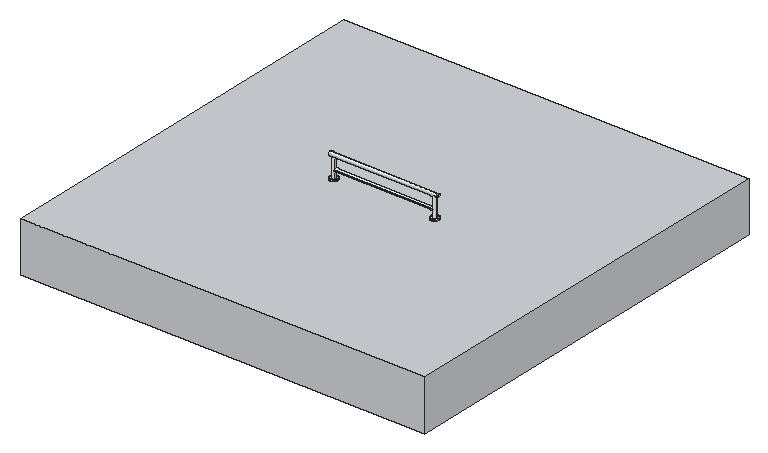
Revit family
Parameters (values of type "Metal-CP-Polished_Chrome")
  Width [instance] = 2' - 2"
  URL = "http://www.us.kohler.com"
  Product Page URL = "http://www.us.kohler.com/onlinecatalog/detail.jsp?prod_num=14391"
  Product Documentation Link = "http://www.us.kohler.com/onlinecatalog/pdf/1156288_4.pdf"
  Model = "K-14391"  # constant formula
  Manufacturer = "Kohler"  # constant formula
  Length [instance] = 0' - 5 9/16"
  Height [instance] = 0' - 1 7/8"
  Finish = Metal-Kohler-CP-Polished Chrome
  Description = "Stillness double towel bar"  # constant formula
  Default Elevation = 0' - 0"
  Created By = "http://medialab3dstudio.com"
  Assembly Code = "C1030200"
Types (3): name | Finish
  (no name) | Metal-Kohler-CP-Polished Chrome
  Metal-BN-Vibrant_Brushed_Nickel | Metal-Kohler-BN-Vibrant Brushed Nickel
  Metal-CP-Polished_Chrome | Metal-Kohler-CP-Polished Chrome
Reference planes (in)
  plane 1 "Center (Front/Back)": y = 0
  plane 2 "Back": z = 0
  plane 3 "Center (Left/Right)": x = 0
  plane 4 "Left": x = -13
  plane 5 "Right": x = 13
  plane 6 "Top": y = 0.9375
  plane 7 "Bottom": y = -0.9375
  plane 8 "Front": z = 5.5625
Forms (in)
  Extrusion 1, solid
    sketch origin (0, 0, 0) x (1, 0, 0) y (0, 1, 0)
      loop
        line (-48, 48) -> (-48, -48) -> (48, -48) -> (48, 48) -> (-48, 48)
    from 0 to -12
Dimensions and locks (in)
  equal spacing: plane 4 "Left", plane 3 "Center (Left/Right)", plane 5 "Right", locked at 13 each
  "Width": plane 4 "Left" to plane 5 "Right"
  equal spacing: plane 6 "Top", plane 1 "Center (Front/Back)", plane 7 "Bottom", locked at 0.9375 each
  "Height": plane 6 "Top" to plane 7 "Bottom"
  "Length": plane 8 "Front" to plane 2 "Back"
  aligned and locked: plane 2 "Back" to Extrusion 1
  aligned and locked: level to Extrusion 1
Automatic sketch dimensions
  Extrusion 1 sketch curve to Extrusion 1 sketch curve = 8' - 0"  (x2)
Nested families (in)
  nested 1: "14391-Base" at (0, 0, 0), type "14391-Base"
Definition of nested family "14391-Base"
  Parameters (values of type "14391-Base")
    Finish = Metal-Kohler-CP-Polished Chrome
    Assembly Code = ""
  Reference planes (in)
    plane 1 "Center (Front/Back)": y = 0
    plane 2 "Back": z = 0
    plane 3 "Center (Left/Right)": x = 0
    plane 4 "Right": x = 12.95231
    plane 5 "Top": y = 0.94453
    plane 6 "Bottom": y = -0.94453
    plane 7 "Front": z = 5.57087
    plane 8 "Left": x = -12.95231
  Forms (in)
    Revolve 1, solid, material "Metal-Kohler-CP-Polished Chrome" <- "Finish", detail levels fine
      sketch origin (0, 0, 0) x (1, 0, 0) y (0, 0, 1)
        loop
          line (-12.95231, 0) -> (-12.00778, 0) -> (-12.00778, 5.18004) -> (-12.3619, 5.18004) -> (-12.3619, 0.27502) -> (-12.93244, 0.27502)
          arc (-12.93244, 0.27502) -> (-12.94649, 0.2692) -> (-12.95231, 0.25514) r 0.01988
          line (-12.95231, 0.25514) -> (-12.95231, 0)
        axis (-12.00778, 0) -> (-12.00778, 5.18004)
      angle from 0 to 360
    Revolve 2, solid, material "Metal-Kohler-CP-Polished Chrome" <- "Finish", detail levels fine
      sketch origin (24.01566, 0, 0) x (1, 0, 0) y (0, 0, 1)
        loop
          line (-12.95269, 0) -> (-12.00778, 0) -> (-12.00778, 5.17776) -> (-12.3619, 5.17776) -> (-12.3619, 0.27502) -> (-12.93193, 0.27502)
          arc (-12.93193, 0.27502) -> (-12.94618, 0.26913) -> (-12.95211, 0.25489) r 0.02018
          line (-12.95211, 0.25489) -> (-12.95269, 0)
        axis (-12.00778, 0) -> (-12.00778, 5.17776)
      angle from 0 to 360
    Revolve 3, solid, material "Metal-Kohler-CP-Polished Chrome" <- "Finish", detail levels fine
      sketch origin (0, 0.00015, -6.39764) x (1, 0, 0) y (0, 0, 1)
        loop
          line (-12.83465, 11.9685) -> (-12.83465, 11.93774)
          arc (-12.83465, 11.93774) -> (-12.79526, 11.75824) -> (-12.78415, 11.5748) r 1.18248
          line (-12.78415, 11.5748) -> (12.78415, 11.5748)
          arc (12.78415, 11.5748) -> (12.79526, 11.75824) -> (12.83465, 11.93774) r 1.18248
          line (12.83465, 11.93774) -> (12.83465, 11.9685) -> (-12.83465, 11.9685)
        axis (12.83465, 11.5748) -> (-12.83465, 11.5748)
      angle from 0 to 360
    Extrusion 4, solid, material "Metal-Kohler-CP-Polished Chrome" <- "Finish", detail levels fine
      sketch origin (0, 0, 0) x (0, 1, 0) y (0, 0, 1)
        loop
          circle (0, 2.04705) r 0.2807
      from -12.00787 to 12
    Extrusion 5, solid, material "Metal-Kohler-CP-Polished Chrome" <- "Finish", detail levels coarse+medium
      sketch origin (0, 0, 0) x (0, 1, 0) y (0, 0, 1)
        loop
          line (0.94453, 5.57087) -> (-0.94453, 5.57087) -> (-0.94453, 0) -> (0.94453, 0) -> (0.94453, 5.57087)
      from -12.95231 to 12.95231
  Cuts and joins
    joined: Revolve 1, Revolve 2, Revolve 3, Extrusion 4
  Lines and regions (in)
    Masking region 1, detail levels coarse
      outline origin (0, 0, 0) x (1, 0, 0) y (0, 0, 1)
        loop
          line (-12.95231, 5.57087) -> (-12.95231, 0) -> (12.95231, 0) -> (12.95231, 5.57087) -> (-12.95231, 5.57087)
    Masking region 2, detail levels coarse
      outline origin (0, 0, 0) x (1, 0, 0) y (0, 1, 0)
        loop
          line (-12.95231, 0.94453) -> (-12.95231, -0.94453) -> (12.95231, -0.94453) -> (12.95231, 0.94453) -> (-12.95231, 0.94453)
    Masking region 3, detail levels medium+fine
      outline origin (0, 0, 0) x (1, 0, 0) y (0, 1, 0)
        loop
          line (-11.14915, -0.39355) -> (11.14883, -0.39355)
          arc (11.14883, -0.39355) -> (12.95278, -0.00016) -> (11.14896, 0.39385) r 0.94491
          line (11.14896, 0.39385) -> (-11.14928, 0.39385)
          arc (-11.14928, 0.39385) -> (-12.95231, -0.00016) -> (-11.14915, -0.39355) r 0.94453
    Masking region 4, detail levels coarse
      outline origin (0, 0, 0) x (1, 0, 0) y (0, 0, 1)
        loop
          line (-12.95231, 5.57087) -> (-12.95231, 0) -> (12.95231, 0) -> (12.95231, 5.57087) -> (-12.95231, 5.57087)
    Masking region 5, detail levels medium+fine
      outline origin (0, 0, 0) x (1, 0, 0) y (0, 0, 1)
        loop
          line (-12.95231, 0) -> (-11.06325, 0) -> (-11.06325, 0.25514)
          arc (-11.06325, 0.25514) -> (-11.06907, 0.2692) -> (-11.08313, 0.27502) r 0.01988
          line (-11.08313, 0.27502) -> (-11.65367, 0.27502) -> (-11.65367, 1.76635) -> (11.65367, 1.76635) -> (11.65367, 0.27502) -> (11.08313, 0.27502)
          arc (11.08313, 0.27502) -> (11.06907, 0.2692) -> (11.06325, 0.25514) r 0.01988
          line (11.06325, 0.25514) -> (11.06325, 0) -> (12.95231, 0) -> (12.95231, 0.25514)
          arc (12.95231, 0.25514) -> (12.94649, 0.2692) -> (12.93244, 0.27502) r 0.01988
          line (12.93244, 0.27502) -> (12.3619, 0.27502) -> (12.3619, 4.78346) -> (12.83465, 4.78346) -> (12.83465, 5.57087) -> (-12.83465, 5.57087) -> (-12.83465, 4.78346) -> (-12.3619, 4.78346) -> (-12.3619, 0.27502) -> (-12.93244, 0.27502)
          arc (-12.93244, 0.27502) -> (-12.94649, 0.2692) -> (-12.95231, 0.25514) r 0.01988
          line (-12.95231, 0.25514) -> (-12.95231, 0)
    Masking region 6, detail levels coarse
      outline origin (0, 0, 0) x (0, 1, 0) y (0, 0, 1)
        loop
          line (0.94453, 5.57087) -> (-0.94491, 5.57087) -> (-0.94491, 0) -> (0.94453, 0) -> (0.94453, 5.57087)
    Masking region 7, detail levels medium+fine
      outline origin (0, 0, 0) x (0, 1, 0) y (0, 0, 1)
        loop
          line (0.94453, 0) -> (0.94453, 0.25514)
          arc (0.94453, 0.25514) -> (0.93871, 0.2692) -> (0.92465, 0.27502) r 0.01988
          line (0.92465, 0.27502) -> (0.35411, 0.27502) -> (0.35411, 5.0048)
          arc (0.35411, 5.0048) -> (0.00049, 5.57087) -> (-0.35411, 5.00541) r 0.3937
          line (-0.35411, 5.00541) -> (-0.35411, 0.27502) -> (-0.92465, 0.27502)
          arc (-0.92465, 0.27502) -> (-0.93871, 0.2692) -> (-0.94453, 0.25514) r 0.01988
          line (-0.94453, 0.25514) -> (-0.94453, 0) -> (0.94453, 0)
    symbolic lines, style "Masking Lines", detail levels fine
      curve 1: line (-12.83465, 0.39385, 0) -> (-12.83465, 0.00015, 0)
      curve 2: line (-12.83465, 0.00015, 0) -> (-12.83465, -0.39355, 0)
      curve 3: line (-11.14928, 0.39385, 0) -> (-12.83465, 0.39385, 0)
      curve 4: line (-12.83465, -0.39355, 0) -> (-11.14915, -0.39355, 0)
      curve 5: line (12.83465, 0.39385, 0) -> (12.83465, 0.00015, 0)
      curve 6: line (12.83465, 0.00015, 0) -> (12.83465, -0.39355, 0)
      curve 7: line (12.83465, 0.39385, 0) -> (11.14896, 0.39385, 0)
      curve 8: line (11.14883, -0.39355, 0) -> (12.83465, -0.39355, 0)
      curve 9: line (-11.65367, 0, 1.76635) -> (-11.79191, 0, 2.04705)
      curve 10: line (-11.79191, 0, 2.04705) -> (-11.65367, 0, 2.32775)
      curve 11: line (-11.65367, 0, 2.32775) -> (11.65376, 0, 2.32775)
      curve 12: line (11.792, 0, 2.04705) -> (11.65376, 0, 1.76635)
      curve 13: line (11.65376, 0, 2.32775) -> (11.792, 0, 2.04705)
      curve 14: line (12.36199, 0, 4.78346) -> (11.65376, 0, 4.78346)
      curve 15: line (-11.65367, 0, 4.78346) -> (-12.3619, 0, 4.78346)
      curve 16: line (-11.65367, 0, 4.78346) -> (-11.65367, 0, 2.32775)
      curve 17: line (-11.65367, 0, 4.78346) -> (11.65376, 0, 4.78346)
      curve 18: line (11.65376, 0, 2.32775) -> (11.65376, 0, 4.78346)
      curve 19: line (11.65367, 0, 0.27502) -> (12.3619, 0, 0.27502)
      curve 20: line (-12.3619, 0, 0.27502) -> (-11.65367, 0, 0.27502)
      curve 21: arc (0, 0.35411, 5.0048) -> (0, -0.00019, 4.78347) -> (0, -0.35411, 5.00541) r 0.3937
      curve 22: line (0, 0.92465, 0.27502) -> (0, 0.35411, 0.27502)
      curve 23: line (0, 0.35411, 0.27502) -> (0, -0.35411, 0.27502)
  Dimensions and locks (in)
    equal spacing: plane 5 "Top", plane 1 "Center (Front/Back)", plane 6 "Bottom"
    plane 5 "Top" to plane 6 "Bottom" = 0' - 1.88906"
    plane 7 "Front" to plane 2 "Back" = 0' - 5.57087"
    equal spacing: plane 8 "Left", plane 3 "Center (Left/Right)", plane 4 "Right"
    plane 8 "Left" to plane 4 "Right" = 2' - 1.90463"
    aligned and locked: plane 2 "Back" to level
  Automatic sketch dimensions
    level to Revolve 3 sketch curve = 0' - 5.19767"  (x2)
    Revolve 3 sketch curve to plane 3 "Center (Left/Right)" = 1' - 1.96646"
    Revolve 3 sketch curve to Revolve 3 sketch curve = 0' - 0.57891"
    Revolve 3 sketch curve to Revolve 3 sketch curve = 0' - 0.5529"
    Revolve 3 sketch curve to Revolve 3 sketch curve = 0' - 0.05049"
    Revolve 3 sketch curve to Revolve 3 sketch curve = 0' - 0"  (x2)
    plane 4 "Right" to Revolve 3 sketch curve = 0' - 0.16816"
    plane 4 "Right" to Revolve 3 sketch curve = 0' - 0.11767"
    Revolve 3 sketch curve to plane 4 "Right" = 0' - 1.01414"
    Revolve 3 sketch curve to Revolve 3 sketch curve = 0' - 0.0205"
    Revolve 3 sketch curve to Revolve 3 sketch curve = 0' - 0.03076"
    plane 8 "Left" to Masking region 1 sketch curve = 0' - 0"
    Masking region 1 sketch curve to plane 4 "Right" = 0' - 0"
    Masking region 1 sketch curve to level = 0' - 0"
    plane 7 "Front" to Masking region 1 sketch curve = 0' - 0"
    Revolve 2 sketch curve to level = 0' - 0"  (x2)
    Revolve 2 sketch curve to Revolve 2 sketch curve = 0' - 0.00058"
    Revolve 2 sketch curve to Revolve 2 sketch curve = 0' - 0.02018"  (x2)
    level to Revolve 2 sketch curve = 0' - 0.27502"
    Revolve 2 sketch curve to Revolve 2 sketch curve = 0' - 0.57003"
    plane 4 "Right" to Revolve 2 sketch curve = 0' - 1.29855"
    Revolve 2 sketch curve to Revolve 2 sketch curve = 0' - 0.35411"
    plane 4 "Right" to Revolve 2 sketch curve = 0' - 0.94444"
    Revolve 2 sketch curve to Revolve 2 sketch curve = 0' - 4.90274"
    plane 7 "Front" to Revolve 2 sketch curve = 0' - 1.5315"
    plane 8 "Left" to Revolve 1 sketch curve = 0' - 0"
    Revolve 1 sketch curve to level = 0' - 0"  (x2)
    Revolve 1 sketch curve to plane 8 "Left" = 0' - 0.01988"
    level to Revolve 1 sketch curve = 0' - 0.27502"
    Revolve 1 sketch curve to Revolve 1 sketch curve = 0' - 0.57054"
    Revolve 1 sketch curve to Revolve 1 sketch curve = 0' - 0.35411"
    Revolve 1 sketch curve to plane 8 "Left" = 0' - 0.94453"
    Revolve 1 sketch curve to Revolve 1 sketch curve = 0' - 4.90502"
    plane 7 "Front" to Revolve 1 sketch curve = 0' - 1.5315"
    Extrusion 4 sketch curve to plane 1 "Center (Front/Back)" = 0' - 0"
    level to Extrusion 4 sketch curve = 0' - 2.04705"
    plane 8 "Left" to Masking region 2 sketch curve = 0' - 0"
    Masking region 2 sketch curve to plane 4 "Right" = 0' - 0"
    Masking region 2 sketch curve to plane 6 "Bottom" = 0' - 0"
    plane 5 "Top" to Masking region 2 sketch curve = 0' - 0"
    plane 1 "Center (Front/Back)" to Masking region 3 sketch curve = 0' - 0"  (x2)
    Masking region 3 sketch curve to plane 8 "Left" = 0' - 1.80303"
    Masking region 3 sketch curve to plane 1 "Center (Front/Back)" = 0' - 0.39385"
    Masking region 3 sketch curve to Masking region 3 sketch curve = 0' - 0.00014"  (x2)
    plane 1 "Center (Front/Back)" to Masking region 3 sketch curve = 0' - 0.39355"
    plane 4 "Right" to Masking region 3 sketch curve = 0' - 0.94444"
    curve 1 to plane 1 "Center (Front/Back)" = 0' - 0.00015"
    curve 1 to plane 8 "Left" = 0' - 0.11767"
    curve 3 to plane 1 "Center (Front/Back)" = 0' - 0.39385"
    curve 1 to curve 3 = 0' - 1.68536"
    plane 1 "Center (Front/Back)" to curve 4 = 0' - 0.39355"
    curve 3 to curve 4 = 0' - 0.00014"
    plane 1 "Center (Front/Back)" to curve 8 = 0' - 0.39355"
    plane 4 "Right" to curve 8 = 0' - 1.80349"
    curve 8 to curve 7 = 0' - 0.00014"
    plane 4 "Right" to curve 6 = 0' - 0.11767"
    curve 6 to plane 1 "Center (Front/Back)" = 0' - 0.00015"
    curve 5 to curve 7 = 0' - 0.3937"
    plane 8 "Left" to Masking region 4 sketch curve = 0' - 0"
    Masking region 4 sketch curve to plane 4 "Right" = 0' - 0"
    Masking region 4 sketch curve to level = 0' - 0"
    plane 7 "Front" to Masking region 4 sketch curve = 0' - 0"
    plane 8 "Left" to Masking region 5 sketch curve = 0' - 0"
    Masking region 5 sketch curve to plane 7 "Front" = 0' - 0"
    Masking region 5 sketch curve to level = 0' - 0"  (x2)
    plane 4 "Right" to Masking region 5 sketch curve = 0' - 0"
    Masking region 5 sketch curve to plane 8 "Left" = 0' - 0.01988"
    Masking region 5 sketch curve to plane 8 "Left" = 0' - 0.11767"
    Masking region 5 sketch curve to Masking region 5 sketch curve = 0' - 0.47275"
    Masking region 5 sketch curve to plane 8 "Left" = 0' - 1.29864"
    level to Masking region 5 sketch curve = 0' - 0.27502"
    Masking region 5 sketch curve to Masking region 5 sketch curve = 0' - 0.57054"
    Masking region 5 sketch curve to Masking region 5 sketch curve = 0' - 0.01988"  (x3)
    level to Masking region 5 sketch curve = 0' - 0.25514"
    Masking region 5 sketch curve to Masking region 5 sketch curve = 0' - 1.88906"
    plane 4 "Right" to Masking region 5 sketch curve = 0' - 1.29864"
    plane 4 "Right" to Masking region 5 sketch curve = 0' - 0.59042"
    plane 4 "Right" to Masking region 5 sketch curve = 0' - 0.11767"
    Masking region 5 sketch curve to Masking region 5 sketch curve = 0' - 0.25514"  (x2)
    Masking region 5 sketch curve to Masking region 5 sketch curve = 0' - 1.49133"
    Masking region 5 sketch curve to plane 7 "Front" = 0' - 0.7874"  (x2)
    level to curve 20 = 0' - 0.27502"
    curve 20 to plane 8 "Left" = 0' - 0.59042"
    curve 15 to plane 8 "Left" = 0' - 0.59042"
    curve 9 to plane 8 "Left" = 0' - 1.1604"
    curve 9 to curve 11 = 0' - 0.13824"
    curve 9 to curve 9 = 0' - 0.13824"
    curve 20 to curve 20 = 0' - 0.70823"
    level to curve 19 = 0' - 0.27502"
    plane 4 "Right" to curve 19 = 0' - 1.29864"
    plane 4 "Right" to curve 11 = 0' - 1.29855"
    curve 11 to curve 12 = 0' - 0"
    curve 11 to curve 13 = 0' - 0.13824"
    plane 4 "Right" to curve 19 = 0' - 0.59042"
    plane 4 "Right" to curve 14 = 0' - 0.59033"
    curve 20 to curve 9 = 0' - 1.49133"
    curve 19 to curve 12 = 0' - 1.49133"
    curve 9 to curve 10 = 0' - 0.2807"
    curve 12 to curve 13 = 0' - 0.2807"  (x2)
    curve 17 to plane 7 "Front" = 0' - 0.7874"
    Extrusion 5 sketch curve to plane 6 "Bottom" = 0' - 0"
    Extrusion 5 sketch curve to level = 0' - 0"
    Extrusion 5 sketch curve to plane 5 "Top" = 0' - 0"
    Extrusion 5 sketch curve to plane 7 "Front" = 0' - 0"
    Masking region 6 sketch curve to plane 7 "Front" = 0' - 0"
    Masking region 6 sketch curve to level = 0' - 0"
    Masking region 6 sketch curve to plane 5 "Top" = 0' - 0"
    Masking region 6 sketch curve to plane 6 "Bottom" = 0' - 0.00037"
    Masking region 7 sketch curve to level = 0' - 0"
    Masking region 7 sketch curve to plane 6 "Bottom" = 0' - 0"
    Masking region 7 sketch curve to plane 5 "Top" = 0' - 0"
    plane 6 "Bottom" to Masking region 7 sketch curve = 0' - 0.01988"
    plane 1 "Center (Front/Back)" to Masking region 7 sketch curve = 0' - 0.35411"
    Masking region 7 sketch curve to plane 1 "Center (Front/Back)" = 0' - 0.00015"
    Masking region 7 sketch curve to plane 1 "Center (Front/Back)" = 0' - 0.35411"
    Masking region 7 sketch curve to plane 5 "Top" = 0' - 0.01988"
    level to Masking region 7 sketch curve = 0' - 0.25514"  (x2)
    Masking region 7 sketch curve to plane 7 "Front" = 0' - 0.56606"
    Masking region 7 sketch curve to Masking region 7 sketch curve = 0' - 0.00061"
    plane 1 "Center (Front/Back)" to curve 23 = 0' - 0.35411"
    plane 1 "Center (Front/Back)" to curve 21 = 0' - 0.35411"
    curve 21 to plane 1 "Center (Front/Back)" = 0' - 0.00015"
    curve 22 to plane 1 "Center (Front/Back)" = 0' - 0.35411"
    curve 21 to plane 1 "Center (Front/Back)" = 0' - 0.35411"
    curve 22 to plane 5 "Top" = 0' - 0.01988"
    level to curve 22 = 0' - 0.27502"
    curve 21 to plane 7 "Front" = 0' - 0.56606"
    curve 21 to curve 21 = 0' - 0.00061"
    radius of Extrusion 4 sketch curve = 0' - 0.2807"
